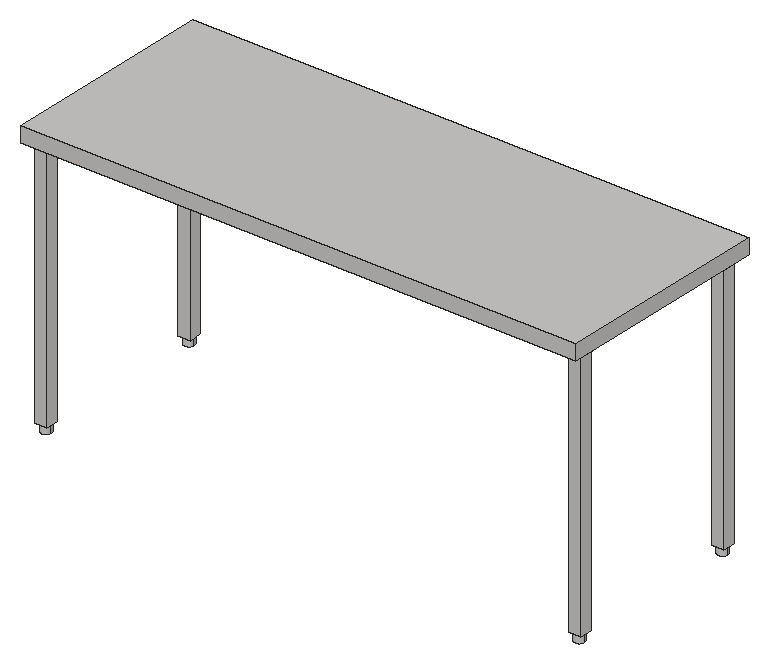
Revit family "QF_ZANUSSI_132727_TG1800PN", category Attrezzature speciali, Revit 2020
Family settings
  Quota connettore circolare = Usa diametro
  Tipo di parte = Normale
  Basato su piano di lavoro = No
  Sempre verticale = Sì
  Taglio con vuoti quando caricato = No
  Condiviso = No
  Punto di calcolo locali = No
Parameters (values of type "Standard")
  Weight = 54.00 kg
  Watts = 0 W
  Volts = 0 V
  URL Manufacturer = "http://www.zanussiprofessional.com"
  URL = "http://www.zanussiprofessional.com"
  Steam Supply Size = 0 mm
  Steam Supply Minimum Pressure = 0.0 Pa
  Steam Supply Maximum Pressure = 0.0 Pa
  Steam Consumption per Hour = 0
  Refrigeration Suction Line Size = 0.0 mm
  Refrigeration Liquid Line Size = 0.0 mm
  Refrigerant Compressor Remote = yes
  Prospetto di default = 0.0 mm
  Produttore = "Zanussi"
  Phase = 0
  Modello = "TG1800PN"
  Length Actual = 1800.0 mm  # constant formula
  Item Number = "132727"
  Hot Water Size = 0 mm
  Height Actual = 900.0 mm  # constant formula
  HP = "0 HP"
  Gas Size = 0 mm
  Gas KW = 0
  Gas Input Pressure = 0 W
  Direct Waste Size = 0 mm
  Descrizione = "WORK TABLE 1800 MM"
  Depth Actual = 700.0 mm  # constant formula
  Cycle = 0 Hz
  Condensate Return Size = 0 mm
  Compressed Air Volume = 0.0 L/s
  Compressed Air Size = 0 mm
  Compressed Air Pressure = 0.0 Pa
  Cold Water Size = 0 mm
  Accessory = yes
Reference planes
  plane 1 "Center (Front/Back)": y = 0
  plane 2: z = 0
  plane 3 "Center (Left/Right)": x = -400
  plane 4 "LEFT": x = -1300
  plane 5 "RIGHT": x = 500
  plane 6 "BACK": y = 350
  plane 7 "FRONT": y = -350
  plane 8 "Base": z = 850
  plane 9 "TOP": z = 900
  plane 10: x = -1264.5
  plane 11: x = 464.5
  plane 12: y = 290
  plane 13: y = -290
Forms (mm)
  Extrusion 1, solid, material "QF_Finishes_Stainless Steel"
    sketch origin (-400, 0, 0) x (0, 1, 0) y (0, 0, 1)
      loop
        line (-350, 850) -> (350, 850) -> (350, 900) -> (-350, 900) -> (-350, 850)
    from 900 to -900
Lines and regions (mm)
  symbolic lines
    curve 1: line (500, 350, 900) -> (-1300, 350, 900)
    curve 2: line (-1300, 350, 900) -> (-1300, -350, 900)
    curve 3: line (-1300, -350, 900) -> (500, -350, 900)
    curve 4: line (500, -350, 900) -> (500, 350, 900)
Dimensions and locks
  plane 4 "LEFT" to plane 5 "RIGHT" = 1800.0 mm
  equal spacing: plane 4 "LEFT", plane 3 "Center (Left/Right)", plane 5 "RIGHT"
  locked: plane 8 "Base" to level at 850
  plane 4 "LEFT" to plane 10 = 35.5 mm
  plane 11 to plane 5 "RIGHT" = 35.5 mm
  plane 10 to plane 11 = 1729.0 mm
  locked: plane 9 "TOP" to level at 900
  plane 6 "BACK" to plane 12 = 60.0 mm
  plane 13 to plane 7 "FRONT" = 60.0 mm
  plane 6 "BACK" to plane 7 "FRONT" = 700.0 mm
  plane 12 to plane 13 = 580.0 mm
  equal spacing: plane 6 "BACK", plane 1 "Center (Front/Back)", plane 7 "FRONT"
  aligned and locked: level to plane 2
  aligned and locked: plane 10 to nested 1
  aligned and locked: nested 1 to plane 13
  aligned and locked: plane 11 to nested 2
  aligned and locked: nested 2 to plane 13
  aligned and locked: plane 11 to nested 4
  aligned and locked: nested 4 to plane 12
  aligned and locked: plane 10 to nested 3
  aligned and locked: nested 3 to plane 12
  aligned and locked: Extrusion 1 to plane 4 "LEFT"
  aligned and locked: plane 5 "RIGHT" to Extrusion 1
  aligned and locked: curve 2 to plane 4 "LEFT"
Automatic sketch dimensions
  Extrusion 1 sketch curve to plane 7 "FRONT" = 0.0 mm
  Extrusion 1 sketch curve to plane 8 "Base" = 0.0 mm
  curve 3 to plane 7 "FRONT" = 0.0 mm
  curve 4 to plane 6 "BACK" = 0.0 mm
  Extrusion 1 sketch curve to plane 9 "TOP" = 0.0 mm
  Extrusion 1 sketch curve to plane 6 "BACK" = 0.0 mm
  curve 4 to plane 5 "RIGHT" = 0.0 mm
Nested families
  nested 1: "FEET_40x40" at (-1264.5, -290, 0), type "FEET_40x40"
  nested 2: "FEET_40x40" at (464.5, -290, 0), type "FEET_40x40"
  nested 3: "FEET_40x40" at (-1264.5, 290, 0), type "FEET_40x40"
  nested 4: "FEET_40x40" at (464.5, 290, 0), type "FEET_40x40"
Definition of nested family "FEET_40x40"
  Parameters
    Default Elevation = 0.0 mm
    FEET = 850.0 mm
  Reference planes
    plane 1 "Center (Front/Back)": y = 0
    plane 2: z = 0
    plane 3 "Center (Left/Right)": x = 0
    plane 4: z = 850
  Forms (mm)
    Extrusion 1, solid
      sketch origin (0, 0, 0) x (1, 0, 0) y (0, 1, 0)
        loop
          line (-20, -20) -> (20, -20) -> (20, 20) -> (-20, 20) -> (-20, -20)
      from 25 to 845
    Extrusion 2, solid
      sketch origin (0, 0, 0) x (1, 0, 0) y (0, 1, 0)
        loop
          circle (0, 0) r 16
      from 0 to 25
    Extrusion 3, solid
      sketch origin (0, 0, 0) x (1, 0, 0) y (0, 1, 0)
        loop
          line (30, 30) -> (-30, 30) -> (-30, -30) -> (30, -30) -> (30, 30)
      from 845 to 850
  Lines and regions (mm)
    symbolic lines
      curve 1: line (0, -1.503, 0) -> (0, 1.508, 0)
      curve 2: line (1.561, 0, 0) -> (-1.439, 0, 0)
  Dimensions and locks
    "FEET": plane 4 to plane 2
    aligned and locked: level to plane 2
  Automatic sketch dimensions
    Extrusion 1 sketch curve to plane 3 "Center (Left/Right)" = 20.0 mm
    plane 3 "Center (Left/Right)" to Extrusion 1 sketch curve = 20.0 mm
    plane 1 "Center (Front/Back)" to Extrusion 1 sketch curve = 20.0 mm
    Extrusion 1 sketch curve to plane 1 "Center (Front/Back)" = 20.0 mm
    plane 1 "Center (Front/Back)" to Extrusion 2 sketch curve = 0.0 mm
    Extrusion 2 sketch curve to plane 3 "Center (Left/Right)" = 0.0 mm
    plane 3 "Center (Left/Right)" to Extrusion 3 sketch curve = 30.0 mm
    Extrusion 3 sketch curve to plane 1 "Center (Front/Back)" = 30.0 mm
    Extrusion 3 sketch curve to plane 3 "Center (Left/Right)" = 30.0 mm
    plane 1 "Center (Front/Back)" to Extrusion 3 sketch curve = 30.0 mm
    plane 1 "Center (Front/Back)" to curve 2 = 0.0 mm
    curve 1 to plane 3 "Center (Left/Right)" = 0.0 mm
    curve 2 to plane 3 "Center (Left/Right)" = 1.439 mm
    plane 3 "Center (Left/Right)" to curve 2 = 1.561 mm
    plane 1 "Center (Front/Back)" to curve 1 = 1.503 mm
    curve 1 to plane 1 "Center (Front/Back)" = 1.508 mm
    radius of Extrusion 2 sketch curve = 16.0 mm
